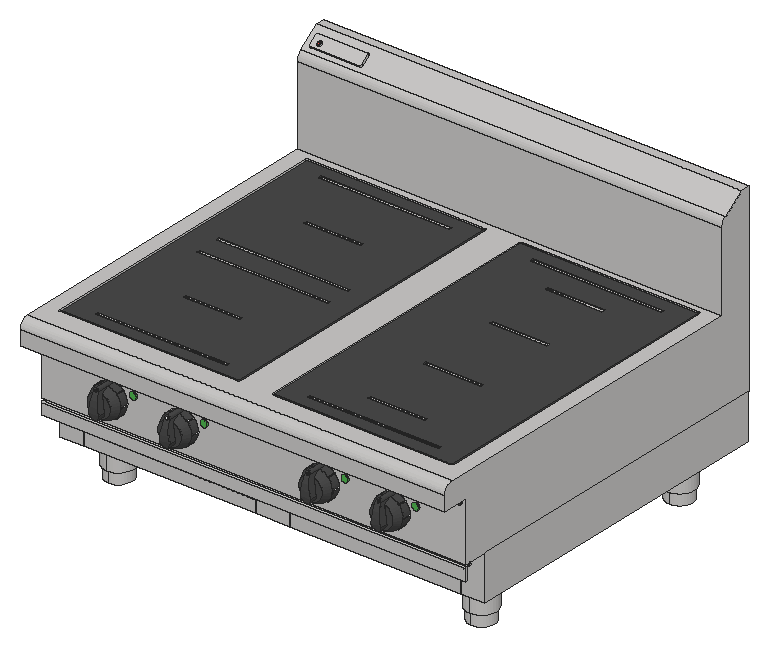
Revit family "QF_Moffat_IN8400R5F-B_Induction Cooktop_cat", category Specialty Equipment, Revit 2019
Family settings
  Round Connector Dimension = Use Diameter
  Part Type = Normal
  Work Plane-Based = No
  Always vertical = Yes
  Cut with Voids When Loaded = No
  Shared = No
  Room Calculation Point = No
Parameters (values of type "INB8400R5F-B_415/60/3")
  Weight in Kilograms = 105
  Watts = 20000 W
  Volts = 415 V
  URL Cutsheet = ""
  Specification by User = ""
  Specification by Manufacturer = ""
  Show Logo [instance] = yes
  Serial Number = ""
  Seismic Rating = ""
  SMACNA No = ""
  Revision Code = ""
  Phase = 3
  Number of Poles = 1
  NAFEM Spec ID Number = ""
  Model = "IN8400R5F-B"
  Min Ckt Ampacity = 0 A
  Max Overcurrent Protection = 0 A
  Masterspec = ""
  Manufacturer = "Moffat"
  Length = 900 mm
  Item Number = ""
  Installed By = ""
  Identify Quantity as Lot = yes
  Height = 570 mm
  HP = ""
  Furnished By = ""
  Foodservice Equipment Identifier = yes
  FL Amps = 28 A
  Electrical Remarks = ""
  Electric Connection Type = ""
  Elec Conn RI Height = 0 mm
  Elec Conn Connection Height = 0 mm
  Description = "Induction Cooktop"
  Depth = 805 mm
  Cycle = 60 Hz
  Conn Plug = ""
  Conn Conduit = yes
  CSI MasterFormat = ""
  Apparent Power = if(Phase = 3, Volts * FL Amps * 1.73, Volts * FL Amps)  # 20102.6 VA
Reference planes
  plane 1 "BACK": y = 0
  plane 2: z = 0
  plane 3 "LEFT": x = 0
  plane 4 "RIGHT": x = 900
  plane 5 "FRONT": y = -805
  plane 6 "TOP": z = 570
  plane 7 "Center Y": x = 450
  plane 8 "Center X": y = -402.5
  plane 9: x = 65.5
  plane 10: y = -30
  plane 11: x = 770
  plane 12: z = 85
  plane 13: y = -100
  plane 14: y = -625
  plane 15: y = -70
  plane 16: z = 355
  plane 17: z = 75
  plane 18: x = 834.5
Forms (mm)
  Extrusion 1, solid, material "QF_Metal_Stainless_Polished"
    sketch origin (0, 0, 0) x (0, 1, 0) y (0, 0, 1)
      loop
        line (0, 180) -> (0, 570) -> (-18.182, 570) -> (-60.863, 538.99)
        arc (-60.863, 538.99) -> (-67.584, 531.121) -> (-70, 521.058) r 22.165
        line (-70, 521.058) -> (-70, 355) -> (-784.417, 355)
        arc (-784.417, 355) -> (-798.971, 348.971) -> (-805, 334.417) r 20.583
        line (-805, 334.417) -> (-805, 305) -> (-749, 305) -> (-749, 180) -> (0, 180)
    from 0 to 900
  Extrusion 2, void
    sketch origin (0, -784.171, 355) x (0, 1, 0) y (-1, 0, 0)
      loop
        arc (699.341, -37.323) -> (697.584, -33.08) -> (693.341, -31.323) r 6
        line (693.341, -31.323) -> (45.245, -31.323)
        arc (45.245, -31.323) -> (41.002, -33.08) -> (39.245, -37.323) r 6
        line (39.245, -37.323) -> (39.245, -410.105)
        arc (39.245, -410.105) -> (41.002, -414.347) -> (45.245, -416.105) r 6
        line (45.245, -416.105) -> (693.341, -416.105)
        arc (693.341, -416.105) -> (697.584, -414.347) -> (699.341, -410.105) r 6
        line (699.341, -410.105) -> (699.341, -37.323)
      loop
        line (699.341, -862.677) -> (699.341, -489.895)
        arc (699.341, -489.895) -> (697.584, -485.653) -> (693.341, -483.895) r 6
        line (693.341, -483.895) -> (45.245, -483.895)
        arc (45.245, -483.895) -> (41.002, -485.653) -> (39.245, -489.895) r 6
        line (39.245, -489.895) -> (39.245, -862.677)
        arc (39.245, -862.677) -> (41.002, -866.92) -> (45.245, -868.677) r 6
        line (45.245, -868.677) -> (693.341, -868.677)
        arc (693.341, -868.677) -> (697.584, -866.92) -> (699.341, -862.677) r 6
    from 0 to -9.5
  Extrusion 3, solid, material "QF_Plastic_Black_Smooth"
    sketch origin (0, -784.171, 355) x (0, 1, 0) y (-1, 0, 0)
      loop
        line (695.341, -410.105) -> (695.341, -37.323)
        arc (695.341, -37.323) -> (694.755, -35.908) -> (693.341, -35.323) r 2
        line (693.341, -35.323) -> (45.245, -35.323)
        arc (45.245, -35.323) -> (43.831, -35.908) -> (43.245, -37.323) r 2
        line (43.245, -37.323) -> (43.245, -410.105)
        arc (43.245, -410.105) -> (43.831, -411.519) -> (45.245, -412.105) r 2
        line (45.245, -412.105) -> (693.341, -412.105)
        arc (693.341, -412.105) -> (694.755, -411.519) -> (695.341, -410.105) r 2
      loop
        line (667.194, -86.598) -> (661.194, -86.598) -> (661.194, -363.75) -> (667.194, -363.75) -> (667.194, -86.598)
      loop
        line (526.611, -163.924) -> (526.611, -283.924) -> (532.611, -283.924) -> (532.611, -163.924) -> (526.611, -163.924)
      loop
        line (398.444, -86.598) -> (392.444, -86.598) -> (392.444, -363.75) -> (398.444, -363.75) -> (398.444, -86.598)
      loop
        line (345.944, -86.598) -> (339.944, -86.598) -> (339.944, -363.75) -> (345.944, -363.75) -> (345.944, -86.598)
      loop
        line (206.611, -163.924) -> (206.611, -283.924) -> (212.611, -283.924) -> (212.611, -163.924) -> (206.611, -163.924)
      loop
        line (77.194, -86.598) -> (71.194, -86.598) -> (71.194, -363.75) -> (77.194, -363.75) -> (77.194, -86.598)
      loop
        arc (695.341, -489.895) -> (694.755, -488.481) -> (693.341, -487.895) r 2
        line (693.341, -487.895) -> (45.245, -487.895)
        arc (45.245, -487.895) -> (43.831, -488.481) -> (43.245, -489.895) r 2
        line (43.245, -489.895) -> (43.245, -862.677)
        arc (43.245, -862.677) -> (43.831, -864.092) -> (45.245, -864.677) r 2
        line (45.245, -864.677) -> (693.341, -864.677)
        arc (693.341, -864.677) -> (694.755, -864.092) -> (695.341, -862.677) r 2
        line (695.341, -862.677) -> (695.341, -489.895)
      loop
        line (667.194, -813.402) -> (667.194, -536.25) -> (661.194, -536.25) -> (661.194, -813.402) -> (667.194, -813.402)
      loop
        line (601.611, -736.076) -> (607.611, -736.076) -> (607.611, -616.076) -> (601.611, -616.076) -> (601.611, -736.076)
      loop
        line (279.111, -736.076) -> (285.111, -736.076) -> (285.111, -616.076) -> (279.111, -616.076) -> (279.111, -736.076)
      loop
        line (77.194, -813.402) -> (77.194, -536.25) -> (71.194, -536.25) -> (71.194, -813.402) -> (77.194, -813.402)
      loop
        line (454.501, -736.076) -> (460.501, -736.076) -> (460.501, -616.076) -> (454.501, -616.076) -> (454.501, -736.076)
      loop
        line (131.211, -736.076) -> (137.211, -736.076) -> (137.211, -616.076) -> (131.211, -616.076) -> (131.211, -736.076)
    from 0 to -9.5
  Extrusion 4, solid, material "QF_Metal_Stainless_Polished"
    sketch origin (0, 0, 40) x (0, 1, 0) y (0, 0, 1)
      loop
        line (-739.467, 140) -> (-738.192, 134.838)
        arc (-738.192, 134.838) -> (-738.307, 134.302) -> (-738.799, 134.063) r 0.625
        line (-738.799, 134.063) -> (-746.111, 134.063)
        arc (-746.111, 134.063) -> (-748.011, 133.276) -> (-748.797, 131.377) r 2.686
        line (-748.797, 131.377) -> (-748.797, 107.627) -> (-747.197, 107.627) -> (-747.197, 131.242)
        arc (-747.197, 131.242) -> (-746.84, 132.105) -> (-745.976, 132.463) r 1.221
        line (-745.976, 132.463) -> (-738.755, 132.463)
        arc (-738.755, 132.463) -> (-737.028, 133.304) -> (-736.625, 135.182) r 2.194
        line (-736.625, 135.182) -> (-737.815, 140) -> (-739.467, 140)
    from 0 to 900
  Extrusion 5, solid, material "QF_Plastic_Black_Smooth"
    sketch origin (0, -749, 181.875) x (0, 0, 1) y (-1, 0, 0)
      loop
        circle (112.843, -13.157) r 5
      loop
        circle (112.843, -886.843) r 5
    from 0 to 1.6
  Extrusion 6, solid, material "QF_Metal_Stainless_Polished"
    sketch origin (450, -699, 85) x (0, 1, 0) y (1, 0, 0)
      loop
        circle (669, 320) r 6.35
    from 0 to 10
  Extrusion 7, solid, material "QF_Metal_Stainless_Polished"
    sketch origin (0, -699, 85) x (1, 0, 0) y (0, -1, 0)
      loop
        line (0, -699) -> (900, -699) -> (900, 0) -> (849.2, 0) -> (849.2, -25.4) -> (485.8, -25.4) -> (485.8, 0) -> (414.2, 0) -> (414.2, -25.4) -> (50.8, -25.4) -> (50.8, 0) -> (0, 0) -> (0, -699)
    from 0 to -95
  Extrusion 8, solid, material "QF_Metal_Stainless_Polished"
    sketch origin (50.8, -30, 85) x (0, 1, 0) y (0, 0, 1)
      loop
        line (-669, 0) -> (-643.6, 0) -> (-643.6, 26.45) -> (-669, 26.45) -> (-669, 0)
      loop
        line (-669, 32.45) -> (-643.6, 32.45) -> (-643.6, 66.4) -> (-669, 66.4) -> (-669, 32.45)
      loop
        line (-669, 67.4) -> (-643.6, 67.4) -> (-643.6, 95) -> (-669, 95) -> (-669, 67.4)
    from 0 to 363.4
  Revolve 9, solid, material "QF_Metal_Stainless_Polished"
    sketch origin (65.5, -4572, -304.8) x (0, 0, -1) y (0, -1, 0)
      loop
        line (-304.8, -4499.5) -> (-304.8, -4472) -> (-389.8, -4472) -> (-389.8, -4503.75) -> (-329.8, -4503.75) -> (-329.8, -4499.5) -> (-304.8, -4499.5)
      axis (-389.8, -4472) -> (-304.8, -4472)
    angle from 0 to 360
  Revolve 10, solid, material "QF_Metal_Stainless_Polished"
    sketch origin (65.5, -4572, -304.8) x (0, 0, -1) y (0, -1, 0)
      loop
        line (-304.8, -3974.5) -> (-304.8, -3947) -> (-389.8, -3947) -> (-389.8, -3978.75) -> (-329.8, -3978.75) -> (-329.8, -3974.5) -> (-304.8, -3974.5)
      axis (-389.8, -3947) -> (-304.8, -3947)
    angle from 0 to 360
  Revolve 11, solid, material "QF_Metal_Stainless_Polished"
    sketch origin (834.5, -4572, -304.8) x (0, 0, -1) y (0, 1, 0)
      loop
        line (-304.8, 4499.5) -> (-329.8, 4499.5) -> (-329.8, 4503.75) -> (-389.8, 4503.75) -> (-389.8, 4472) -> (-304.8, 4472) -> (-304.8, 4499.5)
      axis (-389.8, 4472) -> (-304.8, 4472)
    angle from 0 to 360
  Revolve 12, solid, material "QF_Metal_Stainless_Polished"
    sketch origin (834.5, -4572, -304.8) x (0, 0, -1) y (0, 1, 0)
      loop
        line (-304.8, 3974.5) -> (-329.8, 3974.5) -> (-329.8, 3978.75) -> (-389.8, 3978.75) -> (-389.8, 3947) -> (-304.8, 3947) -> (-304.8, 3974.5)
      axis (-389.8, 3947) -> (-304.8, 3947)
    angle from 0 to 360
  Extrusion 13, solid, material "QF_Metal_Stainless_Polished"
    sketch origin (900, 0, 0) x (-1, 0, 0) y (0, -1, 0)
      loop
        line (536.25, 122.976) -> (536.25, 116.976) -> (813.402, 116.976) -> (813.402, 122.976) -> (536.25, 122.976)
      loop
        line (736.076, 251.56) -> (736.076, 257.56) -> (616.076, 257.56) -> (616.076, 251.56) -> (736.076, 251.56)
      loop
        line (813.402, 385.726) -> (813.402, 391.726) -> (536.25, 391.726) -> (536.25, 385.726) -> (813.402, 385.726)
      loop
        line (813.402, 438.226) -> (813.402, 444.226) -> (536.25, 444.226) -> (536.25, 438.226) -> (813.402, 438.226)
      loop
        line (736.076, 571.56) -> (736.076, 577.56) -> (616.076, 577.56) -> (616.076, 571.56) -> (736.076, 571.56)
      loop
        line (536.25, 712.976) -> (536.25, 706.976) -> (813.402, 706.976) -> (813.402, 712.976) -> (536.25, 712.976)
      loop
        line (86.598, 712.976) -> (86.598, 706.976) -> (363.75, 706.976) -> (363.75, 712.976) -> (86.598, 712.976)
      loop
        line (163.924, 652.959) -> (163.924, 646.959) -> (283.924, 646.959) -> (283.924, 652.959) -> (163.924, 652.959)
      loop
        line (163.924, 505.06) -> (163.924, 499.06) -> (283.924, 499.06) -> (283.924, 505.06) -> (163.924, 505.06)
      loop
        line (163.924, 329.669) -> (163.924, 323.669) -> (283.924, 323.669) -> (283.924, 329.669) -> (163.924, 329.669)
      loop
        line (163.924, 182.56) -> (163.924, 176.56) -> (283.924, 176.56) -> (283.924, 182.56) -> (163.924, 182.56)
      loop
        line (86.598, 122.976) -> (86.598, 116.976) -> (363.75, 116.976) -> (363.75, 122.976) -> (86.598, 122.976)
    from 355 to 345.5
  Extrusion 14, solid, material "QF_Paint_Green"
    sketch origin (63.231, -748.999, 153.75) x (0, 0, 1) y (-1, 0, 0)
      loop
        circle (100.3, -282.5) r 7.15
    from 0 to 1.6
  Extrusion 15, solid, material "QF_Plastic_Black_Smooth"
    sketch origin (75, -748.999, 165.625) x (0, 0, 1) y (-1, 0, 0)
      loop
        circle (112.843, -225) r 5
    from 0 to 1.6
  Extrusion 16, solid, material "QF_Paint_Green"
    sketch origin (-86.769, -748.999, 153.75) x (0, 0, 1) y (-1, 0, 0)
      loop
        circle (100.3, -282.5) r 7.15
    from 0 to 1.6
  Extrusion 17, solid, material "QF_Plastic_Black_Smooth"
    sketch origin (-75, -748.999, 165.625) x (0, 0, 1) y (-1, 0, 0)
      loop
        circle (112.843, -225) r 5
    from 0 to 1.6
  Extrusion 18, solid, material "QF_Paint_Green"
    sketch origin (511.981, -748.999, 153.75) x (0, 0, 1) y (-1, 0, 0)
      loop
        circle (100.3, -282.5) r 7.15
    from 0 to 1.6
  Extrusion 19, solid, material "QF_Plastic_Black_Smooth"
    sketch origin (523.75, -748.999, 165.625) x (0, 0, 1) y (-1, 0, 0)
      loop
        circle (112.843, -225) r 5
    from 0 to 1.6
  Extrusion 20, solid, material "QF_Paint_Green"
    sketch origin (361.981, -748.999, 153.75) x (0, 0, 1) y (-1, 0, 0)
      loop
        circle (100.3, -282.5) r 7.15
    from 0 to 1.6
  Extrusion 21, solid, material "QF_Plastic_Black_Smooth"
    sketch origin (373.75, -748.999, 165.625) x (0, 0, 1) y (-1, 0, 0)
      loop
        circle (112.843, -225) r 5
    from 0 to 1.6
  Extrusion 22, solid, material "QF_Metal_Stainless_Polished"
    sketch origin (849.2, -30, 85) x (0, 1, 0) y (0, 0, -1)
      loop
        line (-669, 0) -> (-669, -26.45) -> (-643.6, -26.45) -> (-643.6, 0) -> (-669, 0)
      loop
        line (-669, -32.45) -> (-669, -66.4) -> (-643.6, -66.4) -> (-643.6, -32.45) -> (-669, -32.45)
      loop
        line (-669, -67.4) -> (-669, -95) -> (-643.6, -95) -> (-643.6, -67.4) -> (-669, -67.4)
    from 0 to 363.4
Cuts and joins
  Extrusion 2 cuts Extrusion 1
Lines and regions (mm)
  symbolic lines
    curve 1: line (0, 0, 0) -> (900, 0, 0)
    curve 2: line (0, -805, 0) -> (0, 0, 0)
    curve 3: line (900, -805, 0) -> (0, -805, 0)
    curve 4: line (900, 0, 0) -> (900, -805, 0)
    curve 5: line (0, -18.182, 0) -> (900, -18.182, 0)
    curve 6: line (0, -70, 0) -> (900, -70, 0)
    curve 7: line (37.323, -84.83, 0) -> (410.105, -84.83, 0)
    curve 8: arc (410.105, -84.83, 0) -> (414.347, -86.587, 0) -> (416.105, -90.83, 0) r 6
    curve 9: line (416.105, -90.83, 0) -> (416.105, -738.926, 0)
    curve 10: arc (416.105, -738.926, 0) -> (414.347, -743.168, 0) -> (410.105, -744.926, 0) r 6
    curve 11: line (410.105, -744.926, 0) -> (37.323, -744.926, 0)
    curve 12: arc (37.323, -744.926, 0) -> (33.08, -743.168, 0) -> (31.323, -738.926, 0) r 6
    curve 13: line (31.323, -738.926, 0) -> (31.323, -90.83, 0)
    curve 14: arc (31.323, -90.83, 0) -> (33.08, -86.587, 0) -> (37.323, -84.83, 0) r 6
    curve 15: line (410.105, -88.83, 0) -> (37.323, -88.83, 0)
    curve 16: arc (37.323, -88.83, 0) -> (35.908, -89.415, 0) -> (35.323, -90.83, 0) r 2
    curve 17: line (35.323, -90.83, 0) -> (35.323, -738.926, 0)
    curve 18: arc (35.323, -738.926, 0) -> (35.908, -740.34, 0) -> (37.323, -740.926, 0) r 2
    curve 19: line (37.323, -740.926, 0) -> (410.105, -740.926, 0)
    curve 20: arc (410.105, -740.926, 0) -> (411.519, -740.34, 0) -> (412.105, -738.926, 0) r 2
    curve 21: line (412.105, -738.926, 0) -> (412.105, -90.83, 0)
    curve 22: arc (412.105, -90.83, 0) -> (411.519, -89.415, 0) -> (410.105, -88.83, 0) r 2
    curve 23: line (416.105, -738.926, 0) -> (416.105, -90.83, 0)
    curve 24: line (412.105, -90.83, 0) -> (412.105, -738.926, 0)
    curve 25: line (862.677, -84.83, 0) -> (489.895, -84.83, 0)
    curve 26: arc (489.895, -84.83, 0) -> (485.653, -86.587, 0) -> (483.895, -90.83, 0) r 6
    curve 27: arc (483.895, -738.926, 0) -> (485.653, -743.168, 0) -> (489.895, -744.926, 0) r 6
    curve 28: line (489.895, -744.926, 0) -> (862.677, -744.926, 0)
    curve 29: arc (862.677, -744.926, 0) -> (866.92, -743.168, 0) -> (868.677, -738.926, 0) r 6
    curve 30: line (868.677, -738.926, 0) -> (868.677, -90.83, 0)
    curve 31: arc (868.677, -90.83, 0) -> (866.92, -86.587, 0) -> (862.677, -84.83, 0) r 6
    curve 32: line (489.895, -88.83, 0) -> (862.677, -88.83, 0)
    curve 33: arc (862.677, -88.83, 0) -> (864.092, -89.415, 0) -> (864.677, -90.83, 0) r 2
    curve 34: line (864.677, -90.83, 0) -> (864.677, -738.926, 0)
    curve 35: arc (864.677, -738.926, 0) -> (864.092, -740.34, 0) -> (862.677, -740.926, 0) r 2
    curve 36: line (862.677, -740.926, 0) -> (489.895, -740.926, 0)
    curve 37: arc (489.895, -740.926, 0) -> (488.481, -740.34, 0) -> (487.895, -738.926, 0) r 2
    curve 38: arc (487.895, -90.83, 0) -> (488.481, -89.415, 0) -> (489.895, -88.83, 0) r 2
    curve 39: line (487.895, -90.83, 0) -> (487.895, -738.926, 0)
    curve 40: arc (487.895, -738.926, 0) -> (488.481, -740.34, 0) -> (489.895, -740.926, 0) r 2
    curve 41: line (489.895, -740.926, 0) -> (862.677, -740.926, 0)
    curve 42: arc (862.677, -740.926, 0) -> (864.092, -740.34, 0) -> (864.677, -738.926, 0) r 2
    curve 43: line (864.677, -738.926, 0) -> (864.677, -90.83, 0)
    curve 44: arc (864.677, -90.83, 0) -> (864.092, -89.415, 0) -> (862.677, -88.83, 0) r 2
    curve 45: line (862.677, -88.83, 0) -> (489.895, -88.83, 0)
    curve 46: arc (489.895, -88.83, 0) -> (488.481, -89.415, 0) -> (487.895, -90.83, 0) r 2
    curve 47: line (483.895, -90.83, 0) -> (483.895, -738.926, 0)
    curve 48: arc (483.895, -738.926, 0) -> (485.653, -743.168, 0) -> (489.895, -744.926, 0) r 6
    curve 49: line (489.895, -744.926, 0) -> (862.677, -744.926, 0)
    curve 50: arc (862.677, -744.926, 0) -> (866.92, -743.168, 0) -> (868.677, -738.926, 0) r 6
    curve 51: line (868.677, -738.926, 0) -> (868.677, -90.83, 0)
    curve 52: arc (868.677, -90.83, 0) -> (866.92, -86.587, 0) -> (862.677, -84.83, 0) r 6
    curve 53: line (862.677, -84.83, 0) -> (489.895, -84.83, 0)
    curve 54: arc (489.895, -84.83, 0) -> (485.653, -86.587, 0) -> (483.895, -90.83, 0) r 6
    curve 55: line (86.598, -122.976, 0) -> (363.75, -122.976, 0)
    curve 56: line (363.75, -122.976, 0) -> (363.75, -116.976, 0)
    curve 57: line (363.75, -116.976, 0) -> (86.598, -116.976, 0)
    curve 58: line (86.598, -116.976, 0) -> (86.598, -122.976, 0)
    curve 59: line (283.924, -251.56, 0) -> (163.924, -251.56, 0)
    curve 60: line (163.924, -251.56, 0) -> (163.924, -257.56, 0)
    curve 61: line (163.924, -257.56, 0) -> (283.924, -257.56, 0)
    curve 62: line (283.924, -257.56, 0) -> (283.924, -251.56, 0)
    curve 63: line (536.25, -122.976, 0) -> (813.402, -122.976, 0)
    curve 64: line (813.402, -122.976, 0) -> (813.402, -116.976, 0)
    curve 65: line (813.402, -116.976, 0) -> (536.25, -116.976, 0)
    curve 66: line (536.25, -116.976, 0) -> (536.25, -122.976, 0)
    curve 67: line (736.076, -176.56, 0) -> (616.076, -176.56, 0)
    curve 68: line (616.076, -176.56, 0) -> (616.076, -182.56, 0)
    curve 69: line (616.076, -182.56, 0) -> (736.076, -182.56, 0)
    curve 70: line (736.076, -182.56, 0) -> (736.076, -176.56, 0)
    curve 71: line (736.076, -323.669, 0) -> (616.076, -323.669, 0)
    curve 72: line (616.076, -323.669, 0) -> (616.076, -329.669, 0)
    curve 73: line (616.076, -329.669, 0) -> (736.076, -329.669, 0)
    curve 74: line (736.076, -329.669, 0) -> (736.076, -323.669, 0)
    curve 75: line (736.076, -499.06, 0) -> (616.076, -499.06, 0)
    curve 76: line (616.076, -499.06, 0) -> (616.076, -505.06, 0)
    curve 77: line (616.076, -505.06, 0) -> (736.076, -505.06, 0)
    curve 78: line (736.076, -505.06, 0) -> (736.076, -499.06, 0)
    curve 79: line (736.076, -646.959, 0) -> (616.076, -646.959, 0)
    curve 80: line (616.076, -646.959, 0) -> (616.076, -652.959, 0)
    curve 81: line (616.076, -652.959, 0) -> (736.076, -652.959, 0)
    curve 82: line (736.076, -652.959, 0) -> (736.076, -646.959, 0)
    curve 83: line (813.402, -706.976, 0) -> (536.25, -706.976, 0)
    curve 84: line (536.25, -706.976, 0) -> (536.25, -712.976, 0)
    curve 85: line (536.25, -712.976, 0) -> (813.402, -712.976, 0)
    curve 86: line (813.402, -712.976, 0) -> (813.402, -706.976, 0)
    curve 87: line (86.598, -712.976, 0) -> (363.75, -712.976, 0)
    curve 88: line (363.75, -712.976, 0) -> (363.75, -706.976, 0)
    curve 89: line (363.75, -706.976, 0) -> (86.598, -706.976, 0)
    curve 90: line (86.598, -706.976, 0) -> (86.598, -712.976, 0)
    curve 91: line (283.924, -577.56, 0) -> (163.924, -577.56, 0)
    curve 92: line (163.924, -577.56, 0) -> (163.924, -571.56, 0)
    curve 93: line (163.924, -571.56, 0) -> (283.924, -571.56, 0)
    curve 94: line (283.924, -571.56, 0) -> (283.924, -577.56, 0)
    curve 95: line (86.598, -444.226, 0) -> (363.75, -444.226, 0)
    curve 96: line (363.75, -444.226, 0) -> (363.75, -438.226, 0)
    curve 97: line (363.75, -438.226, 0) -> (86.598, -438.226, 0)
    curve 98: line (86.598, -438.226, 0) -> (86.598, -444.226, 0)
    curve 99: line (86.598, -391.726, 0) -> (363.75, -391.726, 0)
    curve 100: line (363.75, -391.726, 0) -> (363.75, -385.726, 0)
    curve 101: line (363.75, -385.726, 0) -> (86.598, -385.726, 0)
    curve 102: line (86.598, -385.726, 0) -> (86.598, -391.726, 0)
Dimensions and locks
  equal spacing: plane 3 "LEFT", plane 7 "Center Y", plane 4 "RIGHT"
  "Length": plane 3 "LEFT" to plane 4 "RIGHT"
  equal spacing: plane 5 "FRONT", plane 8 "Center X", plane 1 "BACK"
  "Depth": plane 5 "FRONT" to plane 1 "BACK"
  "Height": plane 6 "TOP" to level
  plane 4 "RIGHT" to plane 3 "LEFT" = 900 mm
  plane 1 "BACK" to plane 5 "FRONT" = 805 mm
  plane 6 "TOP" to plane 2 = 570 mm
  locked: plane 11 to plane 4 "RIGHT" at 130
  plane 1 "BACK" to plane 10 = 30 mm
  plane 1 "BACK" to plane 13 to plane 14 = 100 mm, 525 mm
  plane 1 "BACK" to plane 15 = 70 mm
  plane 16 to level = 355 mm
  level to plane 12 = 85 mm
  plane 17 to level = 75 mm
  plane 11 to plane 4 "RIGHT" = 130 mm
  plane 18 to plane 9 = 769 mm
  locked: plane 4 "RIGHT" to plane 18 at 65.5
  aligned and locked: level to plane 2
  aligned and locked: plane 18 to Revolve 12
  aligned and locked: plane 18 to Revolve 11
  aligned and locked: Extrusion 7 sketch curve to plane 4 "RIGHT"
  aligned and locked: Extrusion 4 to plane 4 "RIGHT"
  aligned and locked: Extrusion 22 to Extrusion 7  (x2)
Automatic sketch dimensions
  Extrusion 1 sketch curve to plane 5 "FRONT" = 0 mm
  Extrusion 1 sketch curve to plane 16 = 0 mm
  Extrusion 1 sketch curve to plane 15 = 0 mm
  Extrusion 1 sketch curve to plane 6 "TOP" = 0 mm
  Extrusion 1 sketch curve to plane 1 "BACK" = 0 mm
  Extrusion 1 sketch curve to plane 5 "FRONT" = 20.583 mm
  Extrusion 1 sketch curve to plane 5 "FRONT" = 56 mm
  Extrusion 1 sketch curve to plane 15 = 9.137 mm
  plane 10 to Extrusion 1 sketch curve = 17.835 mm
  Extrusion 1 sketch curve to plane 10 = 11.818 mm
  Extrusion 1 sketch curve to Extrusion 1 sketch curve = 29.417 mm
  Extrusion 1 sketch curve to plane 12 = 95 mm
  Extrusion 1 sketch curve to plane 6 "TOP" = 48.942 mm
  Extrusion 4 sketch curve to plane 5 "FRONT" = 56.203 mm
  Extrusion 4 sketch curve to Extrusion 4 sketch curve = 1.6 mm
  Extrusion 4 sketch curve to Extrusion 4 sketch curve = 1.086 mm
  Extrusion 4 sketch curve to Extrusion 4 sketch curve = 0.135 mm  (x2)
  Extrusion 4 sketch curve to Extrusion 4 sketch curve = 6.644 mm
  Extrusion 4 sketch curve to Extrusion 4 sketch curve = 0.668 mm
  Extrusion 4 sketch curve to Extrusion 4 sketch curve = 0.044 mm
  Extrusion 4 sketch curve to Extrusion 4 sketch curve = 0.563 mm
  Extrusion 4 sketch curve to Extrusion 4 sketch curve = 1.652 mm
  Extrusion 4 sketch curve to Extrusion 4 sketch curve = 1.567 mm
  Extrusion 4 sketch curve to plane 12 = 62.627 mm
  Extrusion 4 sketch curve to Extrusion 4 sketch curve = 23.614 mm
  Extrusion 4 sketch curve to Extrusion 4 sketch curve = 0.594 mm
  Extrusion 4 sketch curve to Extrusion 4 sketch curve = 0.032 mm
  Extrusion 4 sketch curve to Extrusion 4 sketch curve = 5.162 mm
  Extrusion 1 to Extrusion 5 sketch curve = 10.282 mm  (x2)
  Extrusion 1 to Extrusion 5 sketch curve = 13.157 mm  (x2)
  plane 12 to Revolve 9 sketch curve = 0 mm
  Revolve 9 sketch curve to level = 0 mm  (x2)
  Revolve 9 sketch curve to plane 13 = 0 mm  (x2)
  plane 15 to Revolve 9 sketch curve = 2.5 mm
  level to Revolve 9 sketch curve = 25 mm
  Revolve 9 sketch curve to plane 15 = 1.75 mm
  Revolve 9 sketch curve to Revolve 9 sketch curve = 25 mm
  plane 12 to Revolve 10 sketch curve = 0 mm
  Revolve 10 sketch curve to level = 0 mm  (x2)
  Revolve 10 sketch curve to plane 14 = 0 mm  (x2)
  level to Revolve 10 sketch curve = 25 mm
  Revolve 10 sketch curve to Revolve 10 sketch curve = 27.5 mm
  Revolve 10 sketch curve to Revolve 10 sketch curve = 31.75 mm
  Revolve 10 sketch curve to Revolve 10 sketch curve = 25 mm
  plane 12 to Revolve 11 sketch curve = 0 mm
  Revolve 11 sketch curve to level = 0 mm  (x2)
  Revolve 11 sketch curve to plane 13 = 0 mm  (x2)
  plane 15 to Revolve 11 sketch curve = 2.5 mm
  Revolve 11 sketch curve to Revolve 11 sketch curve = 25 mm
  Revolve 11 sketch curve to plane 15 = 1.75 mm
  Revolve 11 sketch curve to level = 25 mm
  plane 12 to Revolve 12 sketch curve = 0 mm
  Revolve 12 sketch curve to level = 0 mm  (x2)
  Revolve 12 sketch curve to plane 14 = 0 mm  (x2)
  level to Revolve 12 sketch curve = 25 mm
  Revolve 12 sketch curve to plane 14 = 27.5 mm
  Revolve 12 sketch curve to Revolve 12 sketch curve = 4.25 mm
  Revolve 12 sketch curve to Revolve 12 sketch curve = 25 mm
  Extrusion 16 sketch curve to plane 16 = 100.95 mm
  Extrusion 16 sketch curve to plane 9 = 130.231 mm
  Extrusion 17 sketch curve to plane 16 = 76.532 mm
  Extrusion 17 sketch curve to plane 9 = 84.5 mm
  Extrusion 18 sketch curve to plane 11 = 24.481 mm
  Extrusion 18 sketch curve to plane 16 = 100.95 mm
  Extrusion 19 sketch curve to plane 16 = 76.532 mm
  plane 11 to Extrusion 19 sketch curve = 21.25 mm
  plane 12 to Extrusion 22 sketch curve = 0 mm
  plane 14 to Extrusion 22 sketch curve = 74 mm
  Extrusion 22 sketch curve to Extrusion 22 sketch curve = 0 mm  (x4)
  Extrusion 22 sketch curve to Extrusion 22 sketch curve = 25.4 mm
  Extrusion 22 sketch curve to plane 12 = 26.45 mm
  Extrusion 22 sketch curve to Extrusion 22 sketch curve = 6 mm
  Extrusion 22 sketch curve to Extrusion 22 sketch curve = 33.95 mm
  Extrusion 22 sketch curve to Extrusion 22 sketch curve = 1 mm
  Extrusion 22 sketch curve to Extrusion 22 sketch curve = 27.6 mm
  Extrusion 7 to Extrusion 6 sketch curve = 30 mm
  Extrusion 6 sketch curve to Extrusion 7 = 79.2 mm
  Extrusion 7 sketch curve to plane 3 "LEFT" = 0 mm
  plane 1 "BACK" to Extrusion 7 sketch curve = 0 mm
  plane 9 to Extrusion 7 sketch curve = 14.7 mm
  Extrusion 7 sketch curve to plane 7 "Center Y" = 35.8 mm
  plane 7 "Center Y" to Extrusion 7 sketch curve = 35.8 mm
  plane 18 to Extrusion 7 sketch curve = 14.7 mm
  plane 14 to Extrusion 7 sketch curve = 48.6 mm  (x2)
  Extrusion 7 sketch curve to Extrusion 7 sketch curve = 25.4 mm  (x3)
  Extrusion 8 sketch curve to Extrusion 7 = 0 mm  (x8)
  Extrusion 7 to Extrusion 8 sketch curve = 26.45 mm
  Extrusion 8 sketch curve to Extrusion 8 sketch curve = 6 mm
  Extrusion 7 to Extrusion 8 sketch curve = 28.6 mm
  Extrusion 8 sketch curve to Extrusion 8 sketch curve = 1 mm
  Extrusion 14 sketch curve to plane 7 "Center Y" = 104.269 mm
  Extrusion 14 sketch curve to plane 16 = 100.95 mm
  Extrusion 15 sketch curve to plane 16 = 76.532 mm
  Extrusion 15 sketch curve to plane 7 "Center Y" = 150 mm
  Extrusion 20 sketch curve to plane 16 = 100.95 mm
  plane 7 "Center Y" to Extrusion 20 sketch curve = 194.481 mm
  Extrusion 21 sketch curve to plane 16 = 76.532 mm
  plane 7 "Center Y" to Extrusion 21 sketch curve = 148.75 mm
  Extrusion 2 sketch curve to Extrusion 1 = 39.492 mm  (x2)
  Extrusion 2 sketch curve to Extrusion 2 sketch curve = 6 mm  (x6)
  Extrusion 1 to Extrusion 2 sketch curve = 20.83 mm  (x4)
  Extrusion 1 to Extrusion 2 sketch curve = 31.323 mm
  Extrusion 2 sketch curve to Extrusion 2 sketch curve = 372.782 mm
  Extrusion 2 sketch curve to Extrusion 2 sketch curve = 67.791 mm
  Extrusion 1 to Extrusion 2 sketch curve = 37.323 mm
  Extrusion 3 sketch curve to Extrusion 1 = 43.492 mm  (x2)
  Extrusion 3 sketch curve to Extrusion 3 sketch curve = 2 mm  (x6)
  Extrusion 3 sketch curve to Extrusion 3 sketch curve = 25.949 mm  (x2)
  Extrusion 3 sketch curve to Extrusion 3 sketch curve = 6 mm  (x12)
  Extrusion 3 sketch curve to Extrusion 3 sketch curve = 54.017 mm
  Extrusion 3 sketch curve to Extrusion 3 sketch curve = 129.416 mm
  Extrusion 3 sketch curve to Extrusion 3 sketch curve = 141.899 mm
  Extrusion 3 sketch curve to Extrusion 3 sketch curve = 127.334 mm
  Extrusion 3 sketch curve to Extrusion 3 sketch curve = 46.5 mm
  Extrusion 3 sketch curve to Extrusion 3 sketch curve = 169.391 mm
  Extrusion 3 sketch curve to Extrusion 3 sketch curve = 128.166 mm
  Extrusion 1 to Extrusion 3 sketch curve = 112.56 mm
  Extrusion 1 to Extrusion 3 sketch curve = 52.976 mm  (x2)
  Extrusion 1 to Extrusion 3 sketch curve = 20.83 mm  (x4)
  Extrusion 1 to Extrusion 3 sketch curve = 35.323 mm
  Extrusion 3 sketch curve to Extrusion 3 sketch curve = 49.275 mm  (x2)
  Extrusion 3 sketch curve to Extrusion 3 sketch curve = 77.326 mm  (x2)
  Extrusion 1 to Extrusion 3 sketch curve = 163.924 mm
  Extrusion 3 sketch curve to Extrusion 3 sketch curve = 0 mm  (x3)
  Extrusion 3 sketch curve to Extrusion 3 sketch curve = 120 mm  (x6)
  Extrusion 3 sketch curve to Extrusion 3 sketch curve = 79.826 mm  (x4)
  Extrusion 3 sketch curve to Extrusion 3 sketch curve = 46.355 mm  (x3)
  Extrusion 3 sketch curve to Extrusion 3 sketch curve = 75.791 mm
  Extrusion 3 sketch curve to Extrusion 3 sketch curve = 252.326 mm
  Extrusion 1 to Extrusion 3 sketch curve = 86.598 mm  (x3)
  Extrusion 1 to Extrusion 3 sketch curve = 37.323 mm
  Extrusion 13 sketch curve to plane 13 = 22.976 mm
  plane 7 "Center Y" to Extrusion 13 sketch curve = 86.25 mm  (x3)
  plane 9 to Extrusion 13 sketch curve = 21.098 mm  (x4)
  Extrusion 13 sketch curve to Extrusion 13 sketch curve = 6 mm  (x11)
  Extrusion 13 sketch curve to Extrusion 13 sketch curve = 79.826 mm  (x3)
  plane 9 to Extrusion 13 sketch curve = 98.424 mm  (x2)
  Extrusion 13 sketch curve to Extrusion 13 sketch curve = 128.584 mm
  Extrusion 13 sketch curve to plane 8 "Center X" = 16.774 mm
  Extrusion 13 sketch curve to Extrusion 13 sketch curve = 0 mm
  plane 8 "Center X" to Extrusion 13 sketch curve = 35.726 mm
  plane 14 to Extrusion 13 sketch curve = 53.44 mm
  plane 14 to Extrusion 13 sketch curve = 47.44 mm
  Extrusion 13 sketch curve to plane 14 = 81.976 mm
  Extrusion 13 sketch curve to plane 7 "Center Y" = 86.25 mm  (x2)
  plane 18 to Extrusion 13 sketch curve = 21.098 mm  (x2)
  Extrusion 13 sketch curve to plane 14 = 87.976 mm
  Extrusion 13 sketch curve to plane 11 = 33.924 mm  (x4)
  Extrusion 13 sketch curve to plane 14 = 27.959 mm
  Extrusion 13 sketch curve to Extrusion 13 sketch curve = 120 mm  (x3)
  plane 8 "Center X" to Extrusion 13 sketch curve = 102.56 mm
  Extrusion 13 sketch curve to plane 8 "Center X" = 72.831 mm
  Extrusion 13 sketch curve to plane 13 = 82.56 mm
  Extrusion 13 sketch curve to plane 13 = 16.976 mm
  curve 8 to curve 22 = 0 mm
  curve 10 to curve 20 = 0 mm  (x2)
  curve 12 to curve 18 = 0 mm  (x2)
  curve 14 to curve 16 = 0 mm  (x2)
  curve 27 to curve 37 = 0 mm
  curve 27 to curve 40 = 0 mm
  curve 29 to curve 35 = 0 mm
  curve 33 to curve 52 = 0 mm
  curve 42 to curve 50 = 0 mm
  curve 44 to curve 52 = 0 mm
  curve 46 to curve 54 = 0 mm
  plane 1 "BACK" to curve 1 = 0 mm
  curve 1 to plane 3 "LEFT" = 0 mm
  curve 6 to plane 4 "RIGHT" = 0 mm
  plane 5 "FRONT" to curve 3 = 0 mm
  plane 15 to curve 6 = 0 mm
  plane 3 "LEFT" to curve 13 = 31.323 mm
  curve 13 to curve 17 = 4 mm
  curve 16 to curve 16 = 2 mm
  curve 17 to curve 18 = 2 mm
  curve 102 to plane 9 = 21.098 mm
  curve 57 to plane 9 = 21.098 mm
  curve 87 to plane 9 = 21.098 mm
  curve 95 to plane 9 = 21.098 mm
  curve 91 to plane 14 = 47.44 mm
  curve 91 to plane 9 = 98.424 mm
  curve 60 to plane 9 = 98.424 mm
  curve 60 to curve 61 = 120 mm
  curve 93 to plane 14 = 53.44 mm
  curve 92 to curve 93 = 120 mm
  curve 96 to plane 8 "Center X" = 41.726 mm
  curve 96 to plane 7 "Center Y" = 86.25 mm
  plane 8 "Center X" to curve 99 = 10.774 mm
  curve 99 to curve 96 = 0 mm
  plane 13 to curve 56 = 16.976 mm
  curve 56 to plane 7 "Center Y" = 86.25 mm
  curve 89 to plane 7 "Center Y" = 86.25 mm
  curve 8 to plane 13 = 9.17 mm
  curve 8 to plane 7 "Center Y" = 39.895 mm
  curve 10 to plane 7 "Center Y" = 39.895 mm
  curve 8 to curve 21 = 2 mm
  plane 7 "Center Y" to curve 47 = 33.895 mm
  curve 27 to curve 39 = 4 mm
  curve 46 to curve 45 = 2 mm
  curve 37 to curve 36 = 2 mm
  plane 13 to curve 66 = 22.976 mm
  curve 46 to curve 66 = 46.355 mm
  curve 27 to curve 85 = 46.355 mm
  curve 63 to curve 67 = 79.826 mm
  plane 11 to curve 77 = 153.924 mm
  plane 14 to curve 80 = 21.959 mm
  curve 83 to curve 80 = 79.826 mm
  plane 8 "Center X" to curve 73 = 72.831 mm
  curve 73 to curve 68 = 0 mm
  plane 11 to curve 77 = 33.924 mm
  plane 11 to curve 67 = 33.924 mm
  plane 11 to curve 71 = 33.924 mm
  plane 11 to curve 81 = 33.924 mm
  curve 63 to plane 18 = 21.098 mm
  curve 85 to plane 18 = 21.098 mm
  plane 18 to curve 42 = 28.177 mm
  curve 32 to plane 13 = 11.17 mm
  plane 18 to curve 32 = 28.177 mm
  curve 31 to curve 34 = 2 mm
  curve 49 to plane 5 "FRONT" = 60.074 mm
  curve 11 to plane 5 "FRONT" = 60.074 mm
  curve 27 to curve 84 = 25.949 mm
  curve 10 to curve 87 = 25.949 mm
  curve 85 to curve 83 = 6 mm
  curve 87 to curve 90 = 6 mm
  curve 81 to curve 79 = 6 mm
  curve 78 to plane 8 "Center X" = 102.56 mm
  curve 77 to curve 75 = 6 mm
  curve 95 to curve 98 = 6 mm
  curve 99 to curve 100 = 6 mm
  curve 73 to curve 74 = 6 mm
  plane 8 "Center X" to curve 62 = 144.94 mm
  curve 61 to curve 62 = 6 mm
  plane 13 to curve 70 = 82.56 mm
  curve 68 to curve 68 = 6 mm
  curve 58 to curve 57 = 6 mm
  curve 63 to curve 65 = 6 mm
  curve 5 to plane 10 = 11.818 mm
  radius of Extrusion 5 sketch curve = 5 mm  (x2)
  radius of Extrusion 16 sketch curve = 7.15 mm
  radius of Extrusion 17 sketch curve = 5 mm
  radius of Extrusion 18 sketch curve = 7.15 mm
  radius of Extrusion 19 sketch curve = 5 mm
  radius of Extrusion 6 sketch curve = 6.35 mm
  radius of Extrusion 14 sketch curve = 7.15 mm
  radius of Extrusion 15 sketch curve = 5 mm
  radius of Extrusion 20 sketch curve = 7.15 mm
  radius of Extrusion 21 sketch curve = 5 mm
Nested families
  nested 1: "QF_LOGO_Waldorf" at (12, -52.35, 545.175), visible <- "Show Logo", type "QF_LOGO_Waldorf"
  nested 2: "Knob" at (267.5, -739.499, 200.75), type "Knob"
  nested 3: "Knob" at (117.5, -739.499, 200.75), type "Knob"
  nested 4: "Knob" at (716.25, -739.499, 200.75), type "Knob"
  nested 5: "Knob" at (566.25, -739.499, 200.75), type "Knob"
Connectors
  electrical at (770, -30, 75), driven by "Volts", driven by "Watts"
    settings: on Extrusion 6, index 3, voltage 415 V, apparent load 20000 VA, apparent load phase1 0 VA, apparent load phase2 0 VA, apparent load phase3 0 VA, power factor 1, load classification "Other", number of poles 1, system type 30, power factor state 1, is connector primary yes, connector utility no, sub classification motor no, connector description "ELECTRICAL CONNECTION"
Definition of nested family "QF_LOGO_Waldorf"
  Parameters (values of type "QF_LOGO_Waldorf")
    Weight in Pounds = 0
    URL Cutsheet = ""
    Specification by User = ""
    Specification by Manufacturer = ""
    Serial Number = ""
    Seismic Rating = ""
    SMACNA No = ""
    Revision Code = ""
    NAFEM Spec ID Number = ""
    Masterspec = ""
    Length = 138 mm
    Item Number = ""
    Installed By = ""
    Identify Quantity as Lot = yes
    Height = 26.711 mm
    Furnished By = ""
    Foodservice Equipment Identifier = yes
    Depth = 3.175 mm
    CSI MasterFormat = ""
  Reference planes
    plane 1 "BACK": y = 0
    plane 2: z = 0
    plane 3 "LEFT": x = 0
    plane 4 "RIGHT": x = 138
    plane 5 "FRONT": y = -3.175
    plane 6 "TOP": z = 26.711
    plane 7 "Center Y": x = 69
    plane 8 "Center X": y = -1.587
  Forms (mm)
    Extrusion 1, solid
      sketch origin (0, 0, 0) x (1, 0, 0) y (0, 0.809017, 0.587785)
        loop
          line (109, 3.464) -> (109, 23.247)
          spline (109, 23.247) -> (108.966, 23.699) -> (108.864, 24.143) -> (108.696, 24.572) -> (108.464, 24.979) -> (108.173, 25.355) -> (107.828, 25.696) -> (107.435, 25.995) -> (107, 26.247) -> (106.531, 26.447) -> (106.035, 26.593) -> (105.522, 26.681) -> (105, 26.711)
          line (105, 26.711) -> (4, 26.711)
          spline (4, 26.711) -> (3.478, 26.681) -> (2.965, 26.593) -> (2.469, 26.447) -> (2, 26.247) -> (1.565, 25.995) -> (1.172, 25.696) -> (0.827, 25.355) -> (0.536, 24.979) -> (0.304, 24.572) -> (0.136, 24.143) -> (0.034, 23.699) -> (0, 23.247)
          line (0, 23.247) -> (0, 3.464)
          spline (0, 3.464) -> (0.034, 3.012) -> (0.136, 2.568) -> (0.304, 2.138) -> (0.536, 1.732) -> (0.827, 1.355) -> (1.172, 1.015) -> (1.565, 0.716) -> (2, 0.464) -> (2.469, 0.264) -> (2.965, 0.118) -> (3.478, 0.03) -> (4, 0)
          line (4, 0) -> (105, 0)
          spline (105, 0) -> (105.522, 0.03) -> (106.035, 0.118) -> (106.531, 0.264) -> (107, 0.464) -> (107.435, 0.716) -> (107.828, 1.015) -> (108.173, 1.355) -> (108.464, 1.732) -> (108.696, 2.138) -> (108.864, 2.568) -> (108.966, 3.012) -> (109, 3.464)
        loop
          line (14.75, 7.005) -> (14.75, 15.654)
          arc (14.75, 15.654) -> (10.425, 11.329) -> (14.75, 7.005) r 4.325
        loop
          line (15.25, 15.654) -> (15.25, 7.005)
          arc (15.25, 7.005) -> (19.575, 11.329) -> (15.25, 15.654) r 4.325
      from 0 to 3.2
    Extrusion 2, solid
      sketch origin (0, 0, 0) x (1, 0, 0) y (0, 0.809017, 0.587785)
        loop
          line (15.25, 15.654) -> (15.25, 7.005)
          arc (15.25, 7.005) -> (19.575, 11.329) -> (15.25, 15.654) r 4.325
      from 0 to 3.2
    Extrusion 3, solid
      sketch origin (16.271, 0, 0) x (-1, 0, 0) y (0, -0.809017, -0.587785)
        loop
          arc (1.521, -15.654) -> (5.846, -11.329) -> (1.521, -7.005) r 4.325
          line (1.521, -7.005) -> (1.521, -15.654)
      from 0 to 3.2
  Lines and regions (mm)
    Split face 1
      outline origin (0, -1.881, 2.589) x (1, 0, 0) y (0, 0.809017, 0.587785)
        loop
          spline (22.129, 16.975) -> (22.389, 15.984) -> (22.649, 15.002) -> (22.91, 14.028) -> (23.172, 13.065) -> (23.433, 12.11) -> (23.695, 11.166) -> (23.956, 10.232) -> (24.218, 9.308) -> (24.479, 8.396) -> (24.74, 7.495) -> (25, 6.605) -> (25.26, 5.728)
          line (25.26, 5.728) -> (29.463, 5.728)
          spline (29.463, 5.728) -> (29.582, 6.252) -> (29.701, 6.78) -> (29.82, 7.313) -> (29.939, 7.85) -> (30.058, 8.391) -> (30.178, 8.936) -> (30.297, 9.485) -> (30.416, 10.038) -> (30.536, 10.594) -> (30.655, 11.155) -> (30.775, 11.719) -> (30.894, 12.287)
          spline (30.894, 12.287) -> (31.018, 11.719) -> (31.142, 11.155) -> (31.266, 10.594) -> (31.39, 10.038) -> (31.514, 9.485) -> (31.638, 8.936) -> (31.762, 8.391) -> (31.885, 7.85) -> (32.009, 7.313) -> (32.133, 6.78) -> (32.256, 6.252) -> (32.379, 5.728)
          line (32.379, 5.728) -> (36.51, 5.728)
          spline (36.51, 5.728) -> (36.766, 6.605) -> (37.023, 7.495) -> (37.28, 8.396) -> (37.538, 9.308) -> (37.795, 10.232) -> (38.053, 11.166) -> (38.311, 12.11) -> (38.569, 13.065) -> (38.826, 14.028) -> (39.083, 15.002) -> (39.34, 15.984) -> (39.597, 16.975)
          line (39.597, 16.975) -> (35.637, 16.975)
          spline (35.637, 16.975) -> (35.523, 16.334) -> (35.41, 15.697) -> (35.296, 15.063) -> (35.182, 14.433) -> (35.068, 13.807) -> (34.954, 13.185) -> (34.84, 12.566) -> (34.726, 11.952) -> (34.612, 11.342) -> (34.497, 10.737) -> (34.383, 10.135) -> (34.269, 9.538)
          spline (34.269, 9.538) -> (34.138, 10.135) -> (34.008, 10.737) -> (33.877, 11.342) -> (33.746, 11.952) -> (33.616, 12.566) -> (33.485, 13.185) -> (33.354, 13.807) -> (33.224, 14.433) -> (33.093, 15.063) -> (32.963, 15.697) -> (32.833, 16.334) -> (32.703, 16.975)
          line (32.703, 16.975) -> (29.247, 16.975)
          spline (29.247, 16.975) -> (29.111, 16.334) -> (28.974, 15.697) -> (28.837, 15.063) -> (28.7, 14.433) -> (28.562, 13.807) -> (28.425, 13.185) -> (28.288, 12.566) -> (28.15, 11.952) -> (28.013, 11.342) -> (27.875, 10.737) -> (27.738, 10.135) -> (27.6, 9.538)
          spline (27.6, 9.538) -> (27.483, 10.135) -> (27.366, 10.737) -> (27.249, 11.342) -> (27.132, 11.952) -> (27.015, 12.566) -> (26.897, 13.185) -> (26.78, 13.807) -> (26.663, 14.433) -> (26.546, 15.063) -> (26.43, 15.697) -> (26.313, 16.334) -> (26.196, 16.975)
          line (26.196, 16.975) -> (22.129, 16.975)
    Split face 2
      outline origin (0, -1.881, 2.589) x (1, 0, 0) y (0, 0.809017, 0.587785)
        loop
          line (51.449, 5.728) -> (51.035, 6.606) -> (51.035, 11.169)
          spline (51.035, 11.169) -> (50.686, 12.42) -> (50.176, 13.224) -> (49.51, 13.708) -> (48.693, 13.995) -> (47.747, 14.152) -> (46.698, 14.207) -> (45.579, 14.186) -> (44.419, 14.114) -> (43.279, 13.929) -> (42.249, 13.481) -> (41.424, 12.614) -> (40.897, 11.169)
          line (40.897, 11.169) -> (44.617, 11.169) -> (44.988, 11.965)
          spline (44.988, 11.965) -> (47.294, 11.682) -> (46.856, 10.932) -> (45.527, 10.609) -> (43.858, 10.439) -> (42.259, 10.123) -> (41.078, 9.417) -> (40.563, 8.246) -> (40.689, 6.989) -> (41.407, 6.052) -> (42.774, 5.536) -> (44.847, 5.497) -> (47.306, 6.602)
          line (47.306, 6.602) -> (47.624, 5.728) -> (51.449, 5.728)
    Split face 3
      outline origin (0, -1.881, 2.589) x (1, 0, 0) y (0, 0.809017, 0.587785)
        loop
          line (47.264, 9.264) -> (44.938, 8.597)
          spline (44.938, 8.597) -> (44.508, 8.228) -> (44.402, 7.9) -> (44.548, 7.626) -> (44.877, 7.42) -> (45.317, 7.295) -> (45.797, 7.265) -> (46.252, 7.342) -> (46.65, 7.525) -> (46.971, 7.813) -> (47.194, 8.201) -> (47.298, 8.685) -> (47.264, 9.264)
    Split face 4
      outline origin (0, -1.881, 2.589) x (1, 0, 0) y (0, 0.809017, 0.587785)
        loop
          line (53.33, 16.975) -> (53.33, 5.728) -> (57.173, 5.728) -> (57.173, 16.975) -> (53.33, 16.975)
    Split face 5
      outline origin (0, -1.881, 2.589) x (1, 0, 0) y (0, 0.809017, 0.587785)
        loop
          line (65.795, 16.975) -> (65.795, 12.976)
          spline (65.795, 12.976) -> (63.839, 14.082) -> (62.087, 14.096) -> (60.633, 13.343) -> (59.574, 12.148) -> (58.99, 10.806) -> (58.867, 9.452) -> (59.156, 8.159) -> (59.81, 7) -> (60.786, 6.056) -> (62.111, 5.514) -> (63.868, 5.634) -> (66.137, 6.679)
          line (66.137, 6.679) -> (66.137, 5.728) -> (69.511, 5.728) -> (69.511, 16.975) -> (65.795, 16.975)
    Split face 6
      outline origin (0, -1.881, 2.589) x (1, 0, 0) y (0, 0.809017, 0.587785)
        loop
          spline (64.273, 7.499) -> (64.754, 7.57) -> (65.202, 7.777) -> (65.587, 8.106) -> (65.882, 8.535) -> (66.067, 9.034) -> (66.131, 9.57) -> (66.067, 10.106) -> (65.882, 10.605) -> (65.587, 11.034) -> (65.202, 11.363) -> (64.754, 11.57) -> (64.273, 11.64)
          spline (64.273, 11.64) -> (63.793, 11.57) -> (63.345, 11.363) -> (62.96, 11.034) -> (62.665, 10.605) -> (62.479, 10.106) -> (62.416, 9.57) -> (62.479, 9.034) -> (62.665, 8.535) -> (62.96, 8.106) -> (63.345, 7.777) -> (63.793, 7.57) -> (64.273, 7.499)
    Split face 7
      outline origin (0, -1.881, 2.589) x (1, 0, 0) y (0, 0.809017, 0.587785)
        loop
          spline (76.449, 5.305) -> (77.855, 5.457) -> (79.166, 5.901) -> (80.291, 6.607) -> (81.155, 7.527) -> (81.698, 8.599) -> (81.883, 9.749) -> (81.698, 10.899) -> (81.155, 11.97) -> (80.291, 12.891) -> (79.166, 13.597) -> (77.855, 14.041) -> (76.449, 14.192)
          spline (76.449, 14.192) -> (75.042, 14.041) -> (73.731, 13.597) -> (72.606, 12.891) -> (71.742, 11.97) -> (71.199, 10.899) -> (71.014, 9.749) -> (71.199, 8.599) -> (71.742, 7.527) -> (72.606, 6.607) -> (73.731, 5.901) -> (75.042, 5.457) -> (76.449, 5.305)
    Split face 8
      outline origin (0, -1.881, 2.589) x (1, 0, 0) y (0, 0.809017, 0.587785)
        loop
          spline (76.449, 7.654) -> (76.841, 7.725) -> (77.206, 7.934) -> (77.52, 8.267) -> (77.76, 8.701) -> (77.912, 9.206) -> (77.963, 9.749) -> (77.912, 10.291) -> (77.76, 10.796) -> (77.52, 11.23) -> (77.206, 11.563) -> (76.841, 11.772) -> (76.449, 11.843)
          spline (76.449, 11.843) -> (76.057, 11.772) -> (75.691, 11.563) -> (75.378, 11.23) -> (75.137, 10.796) -> (74.986, 10.291) -> (74.934, 9.749) -> (74.986, 9.206) -> (75.137, 8.701) -> (75.378, 8.267) -> (75.691, 7.934) -> (76.057, 7.725) -> (76.449, 7.654)
    Split face 9
      outline origin (0, -1.881, 2.589) x (1, 0, 0) y (0, 0.809017, 0.587785)
        loop
          line (86.998, 12.335) -> (86.998, 13.879) -> (83.479, 13.879) -> (83.479, 5.728) -> (87.312, 5.728) -> (87.312, 8.975)
          spline (87.312, 8.975) -> (87.364, 9.356) -> (87.458, 9.686) -> (87.594, 9.968) -> (87.769, 10.204) -> (87.982, 10.398) -> (88.229, 10.55) -> (88.509, 10.666) -> (88.82, 10.746) -> (89.16, 10.794) -> (89.525, 10.812) -> (89.915, 10.803) -> (90.327, 10.77)
          line (90.327, 10.77) -> (90.327, 14.113)
          spline (90.327, 14.113) -> (89.929, 14.127) -> (89.552, 14.111) -> (89.197, 14.066) -> (88.865, 13.991) -> (88.554, 13.887) -> (88.266, 13.754) -> (87.999, 13.591) -> (87.755, 13.399) -> (87.532, 13.177) -> (87.332, 12.926) -> (87.154, 12.645) -> (86.998, 12.335)
    Split face 10
      outline origin (0, -1.881, 2.589) x (1, 0, 0) y (0, 0.809017, 0.587785)
        loop
          line (92.082, 13.879) -> (90.894, 13.879) -> (90.894, 11.972) -> (92.082, 11.972) -> (92.082, 5.728) -> (95.871, 5.728) -> (95.871, 11.972) -> (97.5, 11.972) -> (97.5, 13.879) -> (95.871, 13.879)
          spline (95.871, 13.879) -> (95.843, 14.088) -> (95.845, 14.278) -> (95.877, 14.447) -> (95.939, 14.596) -> (96.03, 14.726) -> (96.151, 14.835) -> (96.301, 14.925) -> (96.482, 14.995) -> (96.692, 15.045) -> (96.931, 15.075) -> (97.201, 15.085) -> (97.5, 15.076)
          line (97.5, 15.076) -> (97.5, 17.266) -> (95.367, 17.266)
          spline (95.367, 17.266) -> (94.982, 17.253) -> (94.58, 17.21) -> (94.174, 17.132) -> (93.774, 17.013) -> (93.39, 16.846) -> (93.034, 16.627) -> (92.717, 16.349) -> (92.448, 16.007) -> (92.24, 15.595) -> (92.102, 15.106) -> (92.046, 14.537) -> (92.082, 13.879)
  Dimensions and locks
    equal spacing: plane 3 "LEFT", plane 7 "Center Y", plane 4 "RIGHT"
    "Length": plane 3 "LEFT" to plane 4 "RIGHT"
    equal spacing: plane 5 "FRONT", plane 8 "Center X", plane 1 "BACK"
    "Depth": plane 5 "FRONT" to plane 1 "BACK"
    "Height": plane 6 "TOP" to level
    plane 4 "RIGHT" to plane 3 "LEFT" = 138 mm
    aligned and locked: level to plane 2
  Automatic sketch dimensions
    Extrusion 1 sketch curve to plane 3 "LEFT" = 0 mm
    plane 3 "LEFT" to Extrusion 1 sketch curve = 4 mm  (x2)
    Extrusion 1 sketch curve to Extrusion 1 sketch curve = 10.75 mm
    Extrusion 1 sketch curve to Extrusion 1 sketch curve = 0.5 mm
    plane 4 "RIGHT" to Extrusion 1 sketch curve = 33 mm
    Extrusion 1 sketch curve to Extrusion 1 sketch curve = 0 mm  (x3)
    Extrusion 1 sketch curve to Extrusion 1 sketch curve = 4 mm
    Extrusion 1 sketch curve to Extrusion 1 sketch curve = 3.464 mm  (x3)
    Extrusion 1 sketch curve to Extrusion 1 sketch curve = 3.541 mm
    Extrusion 1 sketch curve to Extrusion 1 sketch curve = 4.325 mm
    Extrusion 1 sketch curve to Extrusion 1 sketch curve = 19.783 mm
    Extrusion 1 sketch curve to Extrusion 1 sketch curve = 7.592 mm
    plane 3 "LEFT" to Extrusion 2 sketch curve = 15.25 mm
    Extrusion 2 sketch curve to Extrusion 2 sketch curve = 4.325 mm
    plane 3 "LEFT" to Extrusion 3 sketch curve = 14.75 mm
    Extrusion 3 sketch curve to Extrusion 3 sketch curve = 4.325 mm
    Extrusion 1 to Split face 1 sketch curve = 6.879 mm
    Split face 1 sketch curve to Extrusion 1 = 5.728 mm
    Split face 1 sketch curve to Split face 1 sketch curve = 3.132 mm
    Split face 1 sketch curve to Split face 1 sketch curve = 4.068 mm
    Split face 1 sketch curve to Split face 1 sketch curve = 3.051 mm
    Split face 1 sketch curve to Split face 1 sketch curve = 4.203 mm
    Split face 1 sketch curve to Split face 1 sketch curve = 2.916 mm
    Split face 1 sketch curve to Split face 1 sketch curve = 3.456 mm
    Split face 1 sketch curve to Split face 1 sketch curve = 2.934 mm
    Split face 1 sketch curve to Split face 1 sketch curve = 4.131 mm
    Split face 1 sketch curve to Split face 1 sketch curve = 3.96 mm
    Split face 1 sketch curve to Split face 1 sketch curve = 0 mm  (x2)
    Split face 1 sketch curve to Extrusion 1 = 9.736 mm  (x2)
    Extrusion 1 to Split face 1 sketch curve = 6.337 mm
    Extrusion 1 to Split face 1 sketch curve = 6.231 mm
    Extrusion 1 to Split face 1 sketch curve = 3.184 mm
    Extrusion 1 to Split face 1 sketch curve = 13.135 mm
    Split face 1 sketch curve to Split face 1 sketch curve = 4.652 mm
    Split face 1 sketch curve to Split face 1 sketch curve = 3.593 mm
    Split face 1 sketch curve to Split face 1 sketch curve = 1.863 mm
    Split face 1 sketch curve to Split face 1 sketch curve = 0.713 mm
    Split face 1 sketch curve to Split face 1 sketch curve = 2.684 mm
    Split face 1 sketch curve to Split face 1 sketch curve = 3.294 mm
    Split face 1 sketch curve to Split face 1 sketch curve = 0.459 mm
    Split face 1 sketch curve to Split face 1 sketch curve = 2.775 mm
    Split face 1 sketch curve to Split face 1 sketch curve = 1.89 mm
    Split face 1 sketch curve to Split face 1 sketch curve = 0.685 mm
    Split face 1 sketch curve to Split face 1 sketch curve = 9.486 mm
    Split face 1 sketch curve to Split face 1 sketch curve = 16.213 mm
    Split face 1 sketch curve to Split face 1 sketch curve = 3.48 mm
    Split face 1 sketch curve to Split face 1 sketch curve = 4.918 mm
    Split face 1 sketch curve to Split face 1 sketch curve = 7.609 mm
    Split face 1 sketch curve to Split face 1 sketch curve = 0.01 mm  (x2)
    Split face 1 sketch curve to Split face 1 sketch curve = 0.002 mm
    Split face 2 sketch curve to Extrusion 1 = 11.169 mm
    Extrusion 1 to Split face 2 sketch curve = 25.647 mm
    Split face 2 sketch curve to Split face 2 sketch curve = 3.72 mm
    Split face 2 sketch curve to Extrusion 1 = 11.965 mm
    Split face 2 sketch curve to Split face 2 sketch curve = 0.371 mm
    Split face 2 sketch curve to Extrusion 1 = 6.602 mm
    Split face 2 sketch curve to Split face 2 sketch curve = 2.689 mm
    Split face 2 sketch curve to Split face 2 sketch curve = 0.318 mm
    Split face 2 sketch curve to Split face 2 sketch curve = 3.729 mm
    Split face 2 sketch curve to Split face 2 sketch curve = 0.414 mm
    Split face 2 sketch curve to Split face 2 sketch curve = 0.875 mm
    Split face 2 sketch curve to Split face 2 sketch curve = 0.878 mm
    Split face 3 sketch curve to Extrusion 1 = 8.597 mm
    Extrusion 1 to Split face 3 sketch curve = 29.688 mm
    Split face 3 sketch curve to Extrusion 1 = 9.264 mm
    Split face 3 sketch curve to Split face 3 sketch curve = 2.326 mm
    Split face 4 sketch curve to Extrusion 1 = 5.728 mm
    Extrusion 1 to Split face 4 sketch curve = 38.08 mm
    Split face 4 sketch curve to Split face 4 sketch curve = 3.843 mm
    Split face 4 sketch curve to Extrusion 1 = 9.736 mm
    Split face 5 sketch curve to Extrusion 1 = 9.736 mm
    Split face 5 sketch curve to Extrusion 1 = 43.205 mm
    Split face 5 sketch curve to Extrusion 1 = 6.679 mm
    Split face 5 sketch curve to Split face 5 sketch curve = 0.342 mm
    Split face 5 sketch curve to Split face 5 sketch curve = 3.375 mm
    Split face 5 sketch curve to Split face 5 sketch curve = 0.952 mm
    Split face 5 sketch curve to Split face 5 sketch curve = 3.998 mm
    Split face 6 sketch curve to Extrusion 1 = 7.499 mm
    Split face 6 sketch curve to Extrusion 1 = 44.727 mm
    Split face 6 sketch curve to Split face 6 sketch curve = 2.07 mm
    Split face 7 sketch curve to Extrusion 1 = 5.305 mm
    Split face 7 sketch curve to Extrusion 1 = 32.551 mm
    Split face 7 sketch curve to Split face 7 sketch curve = 4.443 mm
    Split face 8 sketch curve to Extrusion 1 = 7.654 mm
    Split face 8 sketch curve to Extrusion 1 = 32.551 mm
    Split face 8 sketch curve to Split face 8 sketch curve = 2.095 mm
    Split face 9 sketch curve to Extrusion 1 = 5.728 mm
    Split face 9 sketch curve to Extrusion 1 = 25.521 mm
    Split face 9 sketch curve to Split face 9 sketch curve = 3.519 mm
    Split face 9 sketch curve to Split face 9 sketch curve = 0.315 mm
    Split face 9 sketch curve to Split face 9 sketch curve = 3.33 mm
    Split face 9 sketch curve to Split face 9 sketch curve = 3.248 mm
    Split face 9 sketch curve to Split face 9 sketch curve = 1.795 mm
    Split face 9 sketch curve to Split face 9 sketch curve = 3.36 mm
    Split face 9 sketch curve to Split face 9 sketch curve = 1.545 mm
    Split face 9 sketch curve to Split face 9 sketch curve = 0.233 mm
    Split face 10 sketch curve to Extrusion 1 = 18.106 mm
    Split face 10 sketch curve to Split face 10 sketch curve = 1.188 mm  (x2)
    Split face 10 sketch curve to Split face 10 sketch curve = 3.285 mm
    Split face 10 sketch curve to Split face 10 sketch curve = 3.789 mm
    Split face 10 sketch curve to Split face 10 sketch curve = 0 mm  (x2)
    Split face 10 sketch curve to Split face 10 sketch curve = 1.629 mm
    Split face 10 sketch curve to Split face 10 sketch curve = 2.133 mm
    Split face 10 sketch curve to Extrusion 1 = 5.728 mm
    Split face 10 sketch curve to Split face 10 sketch curve = 6.245 mm
    Split face 10 sketch curve to Split face 10 sketch curve = 1.907 mm  (x2)
    Split face 10 sketch curve to Split face 10 sketch curve = 1.197 mm
    Split face 10 sketch curve to Split face 10 sketch curve = 2.19 mm
Definition of nested family "Knob"
  Parameters (values of type "Knob")
    Weight in Pounds = 0
    URL Cutsheet = ""
    Specification by User = ""
    Specification by Manufacturer = ""
    Serial Number = ""
    Seismic Rating = ""
    SMACNA No = ""
    Revision Code = ""
    NAFEM Spec ID Number = ""
    Masterspec = ""
    Length = 65 mm
    Item Number = ""
    Installed By = ""
    Identify Quantity as Lot = yes
    Height = 69.5 mm
    Furnished By = ""
    Foodservice Equipment Identifier = yes
    Depth = 59 mm
    CSI MasterFormat = ""
  Reference planes
    plane 1 "BACK": y = 0
    plane 2: z = 0
    plane 3 "LEFT": x = 0
    plane 4 "RIGHT": x = 65
    plane 5 "FRONT": y = -59
    plane 6 "TOP": z = 69.5
    plane 7 "Center Y": x = 32.5
    plane 8 "Center X": y = -29.5
  Forms (mm)
    Revolve 1, solid
      sketch origin (32.5, 175.397, 1219.2) x (0, 1, 0) y (0, 0, 1)
        loop
          line (-175.397, -1186.7) -> (-219.397, -1186.7) -> (-219.397, -1211.501) -> (-202.106, -1219.2) -> (-185.397, -1219.2) -> (-185.397, -1191.7) -> (-175.397, -1191.7) -> (-175.397, -1186.7)
        axis (-219.397, -1186.7) -> (-175.397, -1186.7)
      angle from 0 to 360
    Extrusion 2, solid
      sketch origin (32.5, 175.397, 1219.2) x (0, 1, 0) y (0, 0, 1)
        loop
          line (-202.106, -1154.2) -> (-185.397, -1154.2) -> (-185.397, -1149.7) -> (-224.105, -1149.7)
